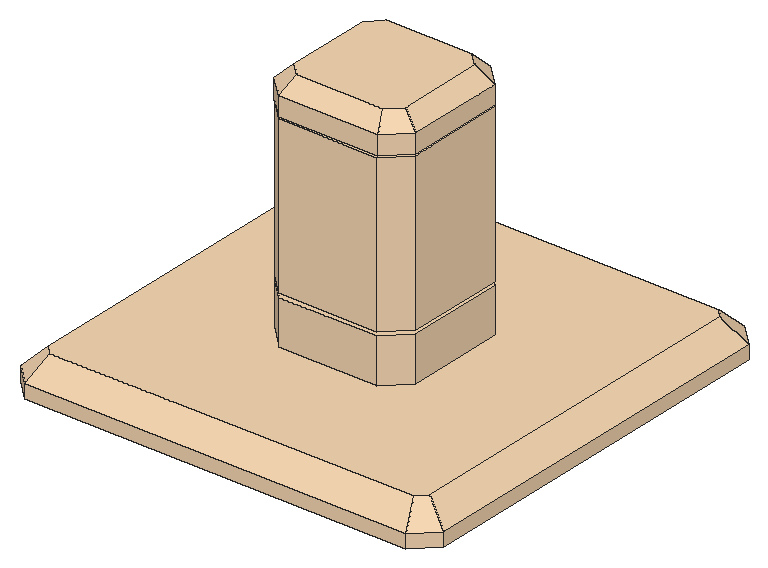
Revit family "Shower-Valve_Trim-KALLISTA-Bezel-P33358", category Specialty Equipment, host Face, Revit 2021
Family settings
  Host = Face
  Round Connector Dimension = Use Diameter
  Part Type = Normal
  OmniClass Number = 23.31.25.00
  OmniClass Title = Toilet and Bath Specialties
  Cut with Voids When Loaded = No
  Shared = No
  Room Calculation Point = No
Parameters (values of type "2MB-Brushed Brass")
  Width = 4 185/256"  # constant formula
  WaterSense Certified = 1 = 0  # no
  URL = "https://www.kallista.com/"
  Type = 1
  Product Page URL = ""
  Product Name = "Bezel"  # constant formula
  Product Documentation Link = ""
  Model = if(Type = 1, "P33358-00-2MB", if(Type = 2, "P33358-00-BGP", if(Type = 3, "P33358-00-BLH", if(Type = 4, "P33358-00-BN", if(Type = 5, "P33358-00-CP", if(Type = 6, "P33358-00-PGP", "NA"))))))  # "P33358-00-2MB"
  Material = "Premium Metal Construction"  # constant formula
  Master Format 2014 Name = "Toilet, Bath, and Laundry Accessories"  # constant formula
  Master Format 2014 = "10 28 00"  # constant formula
  Manufacturer Address = "444 Highland Dr, Kohler, WI 53044"  # constant formula
  Manufacturer = "Kallista Co."  # constant formula
  Length = 3 7/128"  # constant formula
  Height = 4 93/128"  # constant formula
  Finish = Kallista-Metal-2MB-Brushed_Brass
  Environmental Product Declaration = ""
  Description = "Thermostatic Trim"  # constant formula
  Default Elevation = 42"
  Declare Label = ""
  Date Modified = "12/09/2024"  # constant formula
  Date Created = "12/09/2024"  # constant formula
  Copyright = "Copyright Kallista Co."  # constant formula
  Contact Us = "https://www.kallista.com/corporate/contact-us/"
  Assembly Code = "C1030200"
  ADA Compliant = 1 = 0  # no
Types (7): name | Type | Model | Finish
  (no name) | 1 | "P33358-00-2MB" | Kallista-Metal-2MB-Brushed_Brass
  2MB-Brushed Brass | 1 | "P33358-00-2MB" | Kallista-Metal-2MB-Brushed_Brass
  BGP-Brushed Graphite | 2 | "P33358-00-BGP" | Kallista-Metal-BGP-Brushed_Graphite
  BLH-Blush Brass | 3 | "P33358-00-BLH" | Kallista-Metal-BLH-Blush_Brass
  BN-Brushed Nickel | 4 | "P33358-00-BN" | Kallista-Metal-BN-Brushed_Nickel
  CP-Chrome | 5 | "P33358-00-CP" | Kallista-Metal-CP-Chrome
  PGP-Polished Graphite | 6 | "P33358-00-PGP" | Kallista-Metal-PGP-Polished_Graphite
Reference planes (in)
  plane 1 "Center (Front/Back)": y = 0
  plane 2: z = 0
  plane 3 "Center (Left/Right)": x = 0
  plane 4: y = 2.3622
  plane 5: y = -2.36436
  plane 6: x = -2.36221
  plane 7: x = 2.36045
  plane 8: y = 0.78615
  plane 9: y = -0.7874
  plane 10: x = 0.78763
  plane 11: x = -0.78733
  plane 12: z = 3.05469
  plane 13: z = 1.88544
Dimensions and locks (in)
  "Width": plane 6 to plane 7
  "Height": plane 4 to plane 5
  "Length": plane 12 to level
  aligned and locked: plane 2 to host face
  aligned and locked: level to host face
Automatic sketch dimensions
  host sketch curve to host sketch curve = 96"  (x2)
Nested families (in)
  nested 1: "P33358" at (0, 0, 0), type "P33358"
Definition of nested family "P33358"
  Parameters (values of type "P33358")
    Material = none
    Default Elevation = 0"
  Reference planes (in)
    plane 1 "Center (Front/Back)": y = 0
    plane 2: z = 0
    plane 3 "Center (Left/Right)": x = 0
    plane 4 "A": z = 1.88544
    plane 5: z = 3.05624
    plane 6: x = -0.78733
    plane 7: x = 0.78763
    plane 8: x = 2.3622
    plane 9: x = -2.36221
    plane 10: z = 0.38583
    plane 11: y = 2.3622
    plane 12: y = -2.36265
    plane 13: y = -2.36265
    plane 14: y = -0.7874
    plane 15: y = 0.78615
    plane 16: y = 0.89967
    plane 17: y = 0.82822
    plane 18: z = 2.16895
    plane 19: z = 1.59806
  Forms (in)
    Sweep 1, solid, material <- "Material", detail levels medium+fine
      path origin (0, -0.00038, 0) x (1, 0, 0) y (0, 1, 0)
        loop
          line (-2.36221, -2.12596) -> (-2.12591, -2.36227) -> (2.12593, -2.36227) -> (2.3622, -2.12599) -> (2.3622, 2.1263) -> (2.12591, 2.36259) -> (-2.12562, 2.36259) -> (-2.36221, 2.12599) -> (-2.36221, -2.12596)
      profile origin (0.00001, -2.36265, 0) x (0, -1, 0) y (0, 0, 1)
        loop
          line (0, 0) -> (0, 0.14916) -> (-0.23666, 0.38583) -> (-0.3224, 0.38583) -> (-0.3224, 0) -> (0, 0)
    Extrusion 2, solid, material <- "Material", detail levels medium+fine
      sketch origin (0, 0, 0) x (1, 0, 0) y (0, 1, 0)
        loop
          line (-2.12572, -2.02806) -> (-2.02801, -2.12578) -> (2.02797, -2.12578) -> (2.12576, -2.028) -> (2.12576, 2.02836) -> (2.02797, 2.12614) -> (-2.02762, 2.12614) -> (-2.12572, 2.02804) -> (-2.12572, -2.02806)
      from 0 to 0.3772
    Extrusion 3, solid, material <- "Material", detail levels medium+fine
      sketch origin (0, 0, 0) x (1, 0, 0) y (0, 1, 0)
        loop
          line (-2.07305, 2.07304) -> (-2.07305, -2.07349) -> (2.07304, -2.07349) -> (2.07304, 2.07304) -> (-2.07305, 2.07304)
      from 0 to 0.38583
    Sweep 4, solid, material <- "Material", detail levels medium+fine
      path origin (0, 0, 0) x (1, 0, 0) y (0, 1, 0)
        loop
          line (-0.55118, 0.78745) -> (-0.78745, 0.55119) -> (-0.78745, -0.55181) -> (-0.55225, -0.78701) -> (0.55169, -0.78701) -> (0.78735, -0.55135) -> (0.78735, 0.55126) -> (0.55115, 0.78745) -> (-0.55118, 0.78745)
      profile origin (-0.00001, 0.78745, 0) x (0, 1, 0) y (0, 0, 1)
        loop
          line (-0.00005, 2.68218) -> (-0.00005, 2.89075) -> (-0.16554, 3.05624) -> (-0.30531, 3.05624) -> (-0.23621, 2.89344) -> (-0.23621, 2.68218) -> (-0.00005, 2.68218)
    Extrusion 5, solid, material <- "Material", detail levels medium+fine
      sketch origin (0, 0, 0) x (1, 0, 0) y (0, 1, 0)
        loop
          line (0.48312, -0.62147) -> (0.62181, -0.48278) -> (0.62181, 0.48269) -> (0.48258, 0.62192) -> (-0.48261, 0.62192) -> (-0.62191, 0.48262) -> (-0.62191, -0.48325) -> (-0.48368, -0.62147) -> (0.48312, -0.62147)
      from 2.68218 to 3.05624
    Revolve 6, solid, material <- "Material", detail levels medium+fine
      sketch origin (0, 0, 0) x (1, 0, 0) y (0, 0, 1)
        loop
          line (-0.75618, 2.68218) -> (-0.75618, 2.64411) -> (0, 2.64411) -> (0, 2.68218) -> (-0.75618, 2.68218)
        axis (0, 2.68218) -> (0, 2.64281)
      angle from 0 to 360
    Revolve 7, solid, detail levels medium+fine
      sketch origin (0, 0, 0) x (1, 0, 0) y (0, 0, 1)
        loop
          line (0, 0.93328) -> (-0.67909, 0.93328) -> (-0.67909, 0.87917) -> (0, 0.87917) -> (0, 0.93328)
        axis (0, 0.93328) -> (0, 0.87917)
      angle from 0 to 360
    Extrusion 8, solid, material <- "Material", detail levels medium+fine
      sketch origin (0, 0, 0) x (1, 0, 0) y (0, 1, 0)
        loop
          line (0.78763, -0.55096) -> (0.78763, 0.55123) -> (0.55271, 0.78615) -> (-0.55217, 0.78615) -> (-0.78733, 0.55099) -> (-0.78733, -0.55054) -> (-0.55047, -0.7874) -> (0.55118, -0.7874) -> (0.78763, -0.55096)
      from 0.38583 to 0.87917
    Extrusion 9, solid, material <- "Material", detail levels medium+fine
      sketch origin (0, 0, 0) x (1, 0, 0) y (0, 1, 0)
        loop
          line (-0.55047, -0.7874) -> (0.55118, -0.7874) -> (0.78763, -0.55096) -> (0.78763, 0.55123) -> (0.55271, 0.78615) -> (-0.55217, 0.78615) -> (-0.78733, 0.55099) -> (-0.78733, -0.55054) -> (-0.55047, -0.7874)
      from 0.92034 to 2.66535
    Extrusion 10, solid, material <- "Material", detail levels medium+fine
      sketch origin (0, 0, 0) x (1, 0, 0) y (0, 0, 1)
        loop
          line (0.14756, 1.74549) -> (0.14756, 2.02152)
          arc (0.14756, 2.02152) -> (0.00014, 2.16895) -> (-0.14729, 2.02152) r 0.14743
          line (-0.14729, 2.02152) -> (-0.14729, 1.74549)
          arc (-0.14729, 1.74549) -> (0.00014, 1.59806) -> (0.14756, 1.74549) r 0.14743
      from -0.89967 to -0.63887
    Extrusion 11, void
      sketch origin (0, 0, 0) x (1, 0, 0) y (0, 0, 1)
        loop
          arc (0.13753, 2.02388) -> (-0.00049, 2.1619) -> (-0.13852, 2.02388) r 0.13802
          line (-0.13852, 2.02388) -> (-0.13852, 1.74258)
          arc (-0.13852, 1.74258) -> (-0.00049, 1.60456) -> (0.13753, 1.74258) r 0.13802
          line (0.13753, 1.74258) -> (0.13753, 2.02388)
      from -0.94488 to -0.82822
    Extrusion 12, solid, material <- "Material", detail levels medium+fine
      sketch origin (0, 0, 0) x (1, 0, 0) y (0, 0, 1)
        loop
          arc (0.13753, 2.02388) -> (-0.00049, 2.1619) -> (-0.13852, 2.02388) r 0.13802
          line (-0.13852, 2.02388) -> (-0.13852, 1.74258)
          arc (-0.13852, 1.74258) -> (-0.00049, 1.60456) -> (0.13753, 1.74258) r 0.13802
          line (0.13753, 1.74258) -> (0.13753, 2.02388)
      from -0.89967 to -0.7874
    Extrusion 13, solid, material <- "Material", detail levels coarse
      sketch origin (0, 0, 0) x (1, 0, 0) y (0, 1, 0)
        loop
          line (-2.36221, -2.12635) -> (-2.12591, -2.36265) -> (2.12593, -2.36265) -> (2.3622, -2.12638) -> (2.3622, 2.12591) -> (2.12591, 2.3622) -> (-2.12562, 2.3622) -> (-2.36221, 2.12561) -> (-2.36221, -2.12635)
      from 0 to 0.38583
    Extrusion 14, solid, material <- "Material", detail levels coarse
      sketch origin (0, 0, 0) x (1, 0, 0) y (0, 1, 0)
        loop
          line (-0.55047, -0.7874) -> (0.55118, -0.7874) -> (0.78763, -0.55096) -> (0.78763, 0.55123) -> (0.55271, 0.78615) -> (-0.55217, 0.78615) -> (-0.78733, 0.55099) -> (-0.78733, -0.55054) -> (-0.55047, -0.7874)
      from 0.38583 to 3.05624
    Extrusion 15, solid, material <- "Material", detail levels coarse
      sketch origin (0, 0, 0) x (1, 0, 0) y (0, 0, 1)
        loop
          line (0.14756, 1.74549) -> (0.14756, 2.02152)
          arc (0.14756, 2.02152) -> (0.00014, 2.16895) -> (-0.14729, 2.02152) r 0.14743
          line (-0.14729, 2.02152) -> (-0.14729, 1.74549)
          arc (-0.14729, 1.74549) -> (0.00014, 1.59806) -> (0.14756, 1.74549) r 0.14743
      from -0.89967 to -0.75121
  Cuts and joins
    joined: Sweep 1, Extrusion 2, Extrusion 3
    joined: Sweep 4, Extrusion 5
    Extrusion 11 cuts Extrusion 10
  Lines and regions (in)
    Masking region 1
      outline origin (0, 0, 0) x (1, 0, 0) y (0, 1, 0)
        loop
          line (2.12591, 2.3622) -> (-2.12562, 2.3622) -> (-2.36221, 2.12561) -> (-2.36221, -2.12635) -> (-2.12591, -2.36265) -> (2.12593, -2.36265) -> (2.3622, -2.12638) -> (2.3622, 2.12591) -> (2.12591, 2.3622)
    Masking region 2
      outline origin (0, 0, 0) x (0, 1, 0) y (0, 0, 1)
        loop
          line (2.3622, 0) -> (2.3622, 0.14916) -> (2.12554, 0.38583) -> (0.78615, 0.38583) -> (0.78615, 0.87917) -> (0.67909, 0.87917) -> (0.67909, 0.93328) -> (0.78615, 0.93328) -> (0.78615, 1.59806) -> (0.89967, 1.59806) -> (0.89967, 2.16895) -> (0.78615, 2.16895) -> (0.78615, 2.89201) -> (0.62192, 3.05624) -> (-0.62147, 3.05624) -> (-0.7874, 2.89031) -> (-0.7874, 0.93328) -> (-0.67909, 0.93328) -> (-0.67909, 0.87917) -> (-0.7874, 0.87917) -> (-0.7874, 0.38583) -> (-2.12599, 0.38583) -> (-2.36265, 0.14916) -> (-2.36265, 0) -> (2.3622, 0)
    Masking region 3
      outline origin (0, 0, 0) x (1, 0, 0) y (0, 0, 1)
        loop
          line (0.62181, 3.05624) -> (-0.62191, 3.05624) -> (-0.78733, 2.89082) -> (-0.78733, 0.93328) -> (-0.67909, 0.93328) -> (-0.67909, 0.87917) -> (-0.78733, 0.87917) -> (-0.78733, 0.38583) -> (-2.12555, 0.38583) -> (-2.36221, 0.14916) -> (-2.36221, 0) -> (2.3622, 0) -> (2.3622, 0.14916) -> (2.12554, 0.38583) -> (0.78763, 0.38583) -> (0.78763, 0.87917) -> (0.67909, 0.87917) -> (0.67909, 0.93328) -> (0.78763, 0.93328) -> (0.78763, 2.89042) -> (0.62181, 3.05624)
    symbolic lines, detail levels medium+fine
      curve 1: line (2.02603, 2.12554, 0) -> (2.12591, 2.3622, 0)
      curve 2: line (2.12593, 2.02804, 0) -> (2.3622, 2.12591, 0)
      curve 3: line (-2.02759, 2.12554, 0) -> (2.02603, 2.12554, 0)
      curve 4: line (2.02805, 2.12592, 0) -> (2.12593, 2.02804, 0)
      curve 5: line (2.12554, 2.02788, 0) -> (2.12554, -2.02889, 0)
      curve 6: line (2.12554, -2.02889, 0) -> (2.02806, -2.12638, 0)
      curve 7: line (2.02806, -2.12638, 0) -> (2.12593, -2.36265, 0)
      curve 8: line (2.12554, -2.02835, 0) -> (2.3622, -2.12638, 0)
      curve 9: line (2.02806, -2.12638, 0) -> (-2.02804, -2.12638, 0)
      curve 10: line (-2.12555, -2.02832, 0) -> (-2.36221, -2.12635, 0)
      curve 11: line (-2.02804, -2.12638, 0) -> (-2.12591, -2.36265, 0)
      curve 12: line (-2.12555, 2.02758, 0) -> (-2.12555, -2.02832, 0)
      curve 13: line (-2.36221, 2.12561, 0) -> (-2.12555, 2.02758, 0)
      curve 14: line (-2.02759, 2.12554, 0) -> (-2.12562, 2.3622, 0)
      curve 15: line (-2.12593, 2.02774, 0) -> (-2.02775, 2.12592, 0)
      curve 16: line (-0.55241, 0.78615, 0) -> (-0.78733, 0.55123, 0)
      curve 17: line (0.55271, 0.78615, 0) -> (-0.55241, 0.78615, 0)
      curve 18: line (-0.78733, 0.55123, 0) -> (-0.78733, -0.55186, 0)
      curve 19: line (-0.78733, -0.55186, 0) -> (-0.55179, -0.7874, 0)
      curve 20: line (-0.55179, -0.7874, 0) -> (0.55118, -0.7874, 0)
      curve 21: line (0.55118, -0.7874, 0) -> (0.78763, -0.55096, 0)
      curve 22: line (0.78763, -0.55096, 0) -> (0.78763, 0.55123, 0)
      curve 23: line (0.78763, 0.55123, 0) -> (0.55271, 0.78615, 0)
      curve 24: line (0.14756, 0.89967, 0) -> (-0.14729, 0.89967, 0)
      curve 25: line (-0.48261, 0.62192, 0) -> (-0.55241, 0.78615, 0)
      curve 26: line (-0.62191, 0.48262, 0) -> (-0.7874, 0.55117, 0)
      curve 27: line (-0.62191, 0.48262, 0) -> (-0.48261, 0.62192, 0)
      curve 28: line (0.48258, 0.62192, 0) -> (-0.48261, 0.62192, 0)
      curve 29: line (0.55113, 0.7874, 0) -> (0.48258, 0.62192, 0)
      curve 30: line (0.48258, 0.62192, 0) -> (0.62181, 0.48269, 0)
      curve 31: line (0.62181, 0.48269, 0) -> (0.7873, 0.55124, 0)
      curve 32: line (0.62181, 0.48269, 0) -> (0.62181, -0.48278, 0)
      curve 33: line (-0.62191, -0.48325, 0) -> (-0.62191, 0.48262, 0)
      curve 34: line (-0.62191, -0.48325, 0) -> (-0.7874, -0.55179, 0)
      curve 35: line (-0.48368, -0.62147, 0) -> (-0.55223, -0.78696, 0)
      curve 36: line (-0.48368, -0.62147, 0) -> (-0.62191, -0.48325, 0)
      curve 37: line (0.48312, -0.62147, 0) -> (-0.48368, -0.62147, 0)
      curve 38: line (0.48312, -0.62147, 0) -> (0.55167, -0.78696, 0)
      curve 39: line (0.62181, -0.48278, 0) -> (0.7873, -0.55133, 0)
      curve 40: line (0.62181, -0.48278, 0) -> (0.48312, -0.62147, 0)
      curve 41: line (0.62181, 0.48269, 0) -> (0.62181, -0.48278, 0)
      curve 42: line (-2.02788, -2.12599, 0) -> (-2.12555, -2.02832, 0)
      curve 43: line (-0.14729, 0.89967, 0) -> (-0.14729, 0.78615, 0)
      curve 44: line (0.14756, 0.89967, 0) -> (0.14756, 0.78615, 0)
      curve 45: line (0, 0.48262, 3.05624) -> (0, 0.55117, 2.89075)
      curve 46: line (0, 0.55099, 2.89075) -> (0, 0.55099, 2.66535)
      curve 47: line (0, 0.55099, 0.93328) -> (0, 0.55099, 2.66535)
      curve 48: line (0, 0.55099, 0.38583) -> (0, 0.55099, 0.87917)
      curve 49: line (0, -0.7874, 0.38583) -> (0, 0.78615, 0.38583)
      curve 50: line (0, -0.7874, 0.93328) -> (0, 0.78615, 0.93328)
      curve 51: line (0, 0.78615, 0.87917) -> (0, -0.7874, 0.87917)
      curve 52: line (0, -0.48325, 3.05624) -> (0, -0.55179, 2.89075)
      curve 53: line (0, 0.78615, 2.66535) -> (0, -0.7874, 2.66535)
      curve 54: line (0, 0.55117, 2.89075) -> (0, 0.7874, 2.89075)
      curve 55: line (0, -0.55179, 2.89075) -> (0, 0.55117, 2.89075)
      curve 56: line (0, -0.78696, 2.89075) -> (0, -0.55179, 2.89075)
      curve 57: line (0, -0.55054, 0.38583) -> (0, -0.55054, 0.87917)
      curve 58: line (0, 2.07304, 0.27684) -> (0, 2.12592, 0.14916)
      curve 59: line (0, 2.12592, 0.14916) -> (0, 2.12592, 0)
      curve 60: line (0, 2.12561, 0.14916) -> (0, 2.02758, 0.38583)
      curve 61: line (0, 2.12592, 0.14916) -> (0, 2.3622, 0.14916)
      curve 62: line (0, -2.12635, 0.14916) -> (0, 2.12592, 0.14916)
      curve 63: line (0, -2.02832, 0.38583) -> (0, -2.12635, 0.14916)
      curve 64: line (0, -2.12638, 0) -> (0, -2.12638, 0.14916)
      curve 65: line (0, -2.36265, 0.14916) -> (0, -2.12635, 0.14916)
      curve 66: line (0, -0.55179, 0.93328) -> (0, -0.55179, 2.66535)
      curve 67: line (0, -0.55179, 2.89075) -> (0, -0.55179, 2.66535)
      curve 68: line (0, 0.78615, 1.59806) -> (0, 0.78615, 2.18861)
      curve 69: line (0.55113, 0, 2.89075) -> (0.48258, 0, 3.05624)
      curve 70: line (0.55113, 0, 2.66535) -> (0.55113, 0, 2.89075)
      curve 71: line (0.55113, 0, 0.93328) -> (0.55113, 0, 2.66535)
      curve 72: line (0.55271, 0, 0.38583) -> (0.55271, 0, 0.87917)
      curve 73: line (-2.12562, 0, 0.14916) -> (2.12591, 0, 0.14916)
      curve 74: line (2.12591, 0, 0.14916) -> (2.3622, 0, 0.14916)
      curve 75: line (2.02797, 0, 0.38121) -> (2.12591, 0, 0.14916)
      curve 76: line (2.12593, 0, 0.14916) -> (2.12593, 0, 0)
      curve 77: line (-2.02759, 0, 0.38583) -> (-2.12562, 0, 0.14916)
      curve 78: line (-2.12593, 0, 0) -> (-2.12593, 0, 0.14916)
      curve 79: line (-2.36221, 0, 0.14916) -> (-2.12562, 0, 0.14916)
      curve 80: line (-0.78733, 0, 0.38583) -> (0.78763, 0, 0.38583)
      curve 81: line (-0.78733, 0, 0.93328) -> (0.78763, 0, 0.93328)
      curve 82: line (0.78763, 0, 0.87917) -> (-0.78733, 0, 0.87917)
      curve 83: line (-0.48261, 0, 3.05624) -> (-0.55116, 0, 2.89075)
      curve 84: line (-0.7874, 0, 2.89075) -> (-0.55116, 0, 2.89075)
      curve 85: line (-0.55116, 0, 2.89075) -> (-0.55116, 0, 2.66535)
      curve 86: line (-0.55116, 0, 0.93328) -> (-0.55116, 0, 2.66535)
      curve 87: line (-0.55217, 0, 0.38583) -> (-0.55217, 0, 0.87917)
      curve 88: line (-0.55116, 0, 2.89075) -> (0.55113, 0, 2.89075)
      curve 89: line (0.55113, 0, 2.89075) -> (0.7873, 0, 2.89075)
      curve 90: line (0.78763, 0, 2.66535) -> (-0.78733, 0, 2.66535)
      curve 91: arc (0.13753, 0, 2.02388) -> (-0.00049, 0, 2.1619) -> (-0.13852, 0, 2.02388) r 0.13802
      curve 92: line (0.13753, 0, 1.74258) -> (0.13753, 0, 2.02388)
      curve 93: line (-0.13852, 0, 2.02388) -> (-0.13852, 0, 1.74258)
      curve 94: arc (-0.13852, 0, 1.74258) -> (-0.00049, 0, 1.60456) -> (0.13753, 0, 1.74258) r 0.13802
  Dimensions and locks (in)
    level to plane 5 = 3.05624"
    plane 6 to plane 7 = 1.57496"
    level to plane 10 = 0.38583"
    plane 15 to plane 14 = 1.57355"
    plane 11 to plane 13 = 4.72485"
    plane 9 to plane 8 = 4.72441"
    plane 16 to curve 17 = 0.11352"
    aligned and locked: level to plane 2
